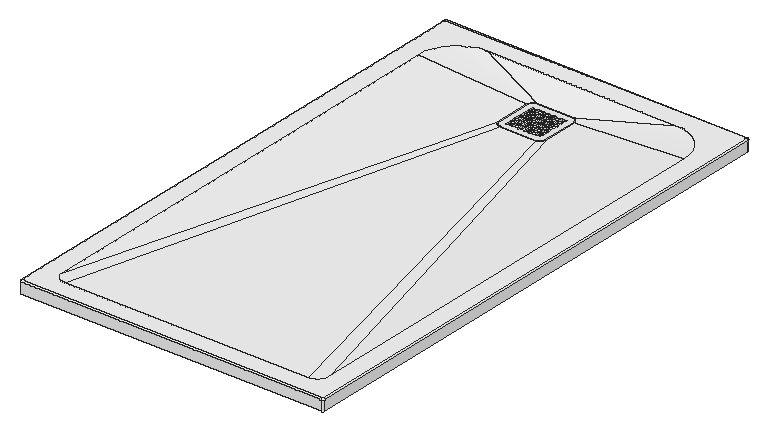
Revit family "IS_UltraFlatS_K8237_BIM_DE", category Plumbing Fixtures, host Face, Revit 2016
Family settings
  Host = Face
  Part Type = Normal
  Round Connector Dimension = Use Diameter
  OmniClass Number = 23.45.05.14.21.11
  OmniClass Title = Bath/Shower Units
  Cut with Voids When Loaded = No
  Shared = No
  Room Calculation Point = No
Parameters (values of type "K8237FR - ULTRAFLAT S PD 140X80 BIANCO")
  WarrantyStartDate = "n/a"
  WarrantyGuarantorParts = "n/a"
  WarrantyGuarantorLabor = "n/a"
  WarrantyDurationUnit = "n/a"
  WarrantyDurationParts = "n/a"
  WarrantyDurationLabor = "n/a"
  WarrantyDescription = "n/a"
  WFU = 0
  VolumeUnits = "Litres"
  Version = "1"
  Uniclass2015Version = "Products v1.1"
  Uniclass2015Title = "Shower trays"
  Uniclass2015Code = "Pr_40_20_06_84"
  URL = "www.idealstandard.de"
  Type Comments = "n/a"
  TagNumber = "n/a"
  SustainabilityPerformance = "n/a"
  Space = "Internal"
  Size = "800 x 1400 x 30 mm"
  Shape = "Rectangular"
  SerialNumber = "n/a"
  ReplacementCost = "n/a"
  ProductInformation = "www.idealstandard.de"
  PredefinedType = "n/a"
  Phone = "+49228 5210"
  NominalWidth = 800 mm
  NominalLength = 1400 mm
  NominalHeight = 30 mm
  NominalDepth = 0 mm
  Name = "ISI_IdealStandard_Showers_Ultra Flat S_K8237FR"
  ModelReference = "IS Rechteck-Brausewanne ULTRA FLAT S, 1400x800x30mm, Carraraweiß"
  ModelNumber = "K8237FR"
  Model = "K8237FR"
  Material = "Sanitary Brass"
  ManufacturerURL = "www.idealstandard.de"
  Manufacturer = "idealstandard.de@idealstandard.com"
  MainMaterial = IS_RenderMaterial_White
  LinearUnits = "millimeters"
  Keynote = ""
  InstallationInstructions = "www.idealstandard.de\\produkte"
  InstallationDate = "1900-12-31T23:59:59"
  Help = "idealstandard.de@idealstandard.com"
  HWFU = 0
  GrossWeight = "42,5 kg"
  Grade = "n/a"
  Finish = "Pure White"
  Features = "ULTRA FLAT S rectangular shower tray 1400x800mm"
  ExpectedLife = "25"
  DurationUnit = "year"
  DistributedBy = "n/a"
  Description = "Ultraflat S Pd 140 x 80 Bianco"
  Default Elevation = 0 mm
  CurrencyUnit = "€"
  CreatedOn = "42774"
  Cost = 0
  Constituents = "n/a"
  ConnectionType = "Plumbing"
  Color = "Pure White"
  CodePerformance = "0"
  CWFU = 0
  Brand = "Ideal Standard"
  BarCode = "4015413067706"
  BIMObjectName = "ISI_IdealStandard_Showers_Ultra Flat S_K8237FR"
  Author = "Ideal Standard"
  AssetType = "Fixed"
  AssetIdentifier = "n/a"
  Assembly Code = "C1030200"
  AreaUnits = "millimeters"
  AreaMeasurement = "n/a"
  Accessories = "www.idealstandard.de\\ersatzteile"
  AccessibilityPerformance = "n/a"
Types (5, lengths in mm): name | Name | ModelReference | ModelNumber | Model | MainMaterial | Finish | Description | Color | BarCode | BIMObjectName
  K8237FR - ULTRAFLAT S PD 140X80 BIANCO | "ISI_IdealStandard_Showers_Ultra Flat S_K8237FR" | "IS Rechteck-Brausewanne ULTRA FLAT S, 1400x800x30mm, Carraraweiß" | "K8237FR" | "K8237FR" | IS_RenderMaterial_White | "Pure White" | "Ultraflat S Pd 140 x 80 Bianco" | "Pure White" | "4015413067706" | "ISI_IdealStandard_Showers_Ultra Flat S_K8237FR"
  K8237FS - ULTRAFLAT S PD 140X80 GRIGIO CEMENTO | "ISI_IdealStandard_Showers_Ultra Flat S_K8237FS" | "IS Rechteck-Brausewanne ULTRA FLAT S, 1400x800x30mm, Quarzgrau" | "K8237FS" | "K8237FS" | IS_RenderMaterial_Grey | "Concrete Grey" | "Ultraflat S Pd 140 x 80 Grigio Cemento" | "Concrete Grey" | "4015413070690" | "ISI_IdealStandard_Showers_Ultra Flat S_K8237FS"
  K8237FT - ULTRAFLAT S PD 140X80 SABBIA | "ISI_IdealStandard_Showers_Ultra Flat S_K8237FT" | "IS Rechteck-Brausewanne ULTRA FLAT S, 1400x800x30mm, Sandstein" | "K8237FT" | "K8237FT" | IS_RenderMaterial_Sand | "Beach Sand" | "Ultraflat S Pd 140 x 80 Sabbia" | "Beach Sand" | "4015413071079" | "ISI_IdealStandard_Showers_Ultra Flat S_K8237FT"
  K8237FU - ULTRAFLAT S PD 140X80 MOKA | "ISI_IdealStandard_Showers_Ultra Flat S_K8237FU" | "IS Rechteck-Brausewanne ULTRA FLAT S, 1400x800x30mm, Lavabraun" | "K8237FU" | "K8237FU" | IS_RenderMaterial_Moka | "Deep Moka" | "Ultraflat S Pd 140 x 80 Moka" | "Deep Moka" | "4015413071482" | "ISI_IdealStandard_Showers_Ultra Flat S_K8237FU"
  K8237FV - ULTRAFLAT S PD 140X80 NERO | "ISI_IdealStandard_Showers_Ultra Flat S_K8237FV" | "IS Rechteck-Brausewanne ULTRA FLAT S, 1400x800x30mm, Schiefer" | "K8237FV" | "K8237FV" | IS_RenderMaterial_Black | "Jet Black" | "Ultraflat S Pd 140 x 80 Nero" | "Jet Black" | "4015413071819" | "ISI_IdealStandard_Showers_Ultra Flat S_K8237FV"
Reference planes
  plane 1 "Center (Front/Back)": y = 0
  plane 2: z = 0
  plane 3 "Center (Left/Right)": x = 0
  plane 4: x = -400
  plane 5: x = 400
  plane 6: y = -1400
  plane 7: y = -1350
  plane 8: z = 30
Forms (mm)
  Extrusion 1, solid, material "IS_RenderMaterial_White" <- "MainMaterial"
    sketch origin (0, 0, 0) x (1, 0, 0) y (0, 1, 0)
      loop
        arc (-395, 0) -> (-398.536, -1.464) -> (-400, -5) r 5
        line (-400, -5) -> (-400, -1395)
        arc (-400, -1395) -> (-398.536, -1398.536) -> (-395, -1400) r 5
        line (-395, -1400) -> (395, -1400)
        arc (395, -1400) -> (398.536, -1398.536) -> (400, -1395) r 5
        line (400, -1395) -> (400, -5)
        arc (400, -5) -> (398.536, -1.464) -> (395, 0) r 5
        line (395, 0) -> (-395, 0)
    from 0 to 30
  Blend 2, void
    base sketch origin (0, 39.744, 30) x (-1, 0, 0) y (0, -1, 0)
      loop
        arc (250, 89.744) -> (320.711, 119.033) -> (350, 189.744) r 100
        line (350, 189.744) -> (350, 1359.744)
        arc (350, 1359.744) -> (341.213, 1380.957) -> (320, 1389.744) r 30
        line (320, 1389.744) -> (-320, 1389.744)
        arc (-320, 1389.744) -> (-341.213, 1380.957) -> (-350, 1359.744) r 30
        line (-350, 1359.744) -> (-350, 189.744)
        arc (-350, 189.744) -> (-320.711, 119.033) -> (-250, 89.744) r 100
        line (-250, 89.744) -> (250, 89.744)
    top sketch origin (0, 39.744, 30) x (-1, 0, 0) y (0, -1, 0)
      loop
        arc (47.5, 177.244) -> (58.107, 181.637) -> (62.5, 192.244) r 15
        line (62.5, 192.244) -> (62.5, 287.244)
        arc (62.5, 287.244) -> (58.107, 297.85) -> (47.5, 302.244) r 15
        line (47.5, 302.244) -> (-47.5, 302.244)
        arc (-47.5, 302.244) -> (-58.107, 297.85) -> (-62.5, 287.244) r 15
        line (-62.5, 287.244) -> (-62.5, 192.244)
        arc (-62.5, 192.244) -> (-58.107, 181.637) -> (-47.5, 177.244) r 15
        line (-47.5, 177.244) -> (47.5, 177.244)
    from 0 to -15
  Revolve 3, void
    sketch origin (-65.411, -200, 1219.2) x (-1, 0, 0) y (0, 0, 1)
      loop
        line (-65.411, -1219.2) -> (-20.411, -1219.2) -> (-20.411, -1214.2) -> (-13.411, -1207.2) -> (-65.411, -1207.2) -> (-65.411, -1219.2)
      axis (-65.411, -1219.2) -> (-65.411, -1207.2)
    angle from 0 to 360
  Extrusion 4, void
    sketch origin (0, -134.515, 12) x (-1, 0, 0) y (0, 1, 0)
      loop
        arc (-47.5, -2.985) -> (-58.107, -7.379) -> (-62.5, -17.985) r 15
        line (-62.5, -17.985) -> (-62.5, -112.985)
        arc (-62.5, -112.985) -> (-58.107, -123.592) -> (-47.5, -127.985) r 15
        line (-47.5, -127.985) -> (47.5, -127.985)
        arc (47.5, -127.985) -> (58.107, -123.592) -> (62.5, -112.985) r 15
        line (62.5, -112.985) -> (62.5, -17.985)
        arc (62.5, -17.985) -> (58.107, -7.379) -> (47.5, -2.985) r 15
        line (47.5, -2.985) -> (-47.5, -2.985)
    from 0 to -3
  Extrusion 5, solid, material "Chrome - Polished"
    sketch origin (0, -134.515, 12) x (0, 1, 0) y (-1, 0, 0)
      loop
        arc (-4.985, 46.539) -> (-9.074, 56.411) -> (-18.946, 60.5) r 13.961
        line (-18.946, 60.5) -> (-111.985, 60.5)
        arc (-111.985, 60.5) -> (-121.885, 56.399) -> (-125.985, 46.5) r 14
        line (-125.985, 46.5) -> (-125.985, -46.5)
        arc (-125.985, -46.5) -> (-121.885, -56.399) -> (-111.985, -60.5) r 14
        line (-111.985, -60.5) -> (-18.985, -60.5)
        arc (-18.985, -60.5) -> (-9.086, -56.399) -> (-4.985, -46.5) r 14
        line (-4.985, -46.5) -> (-4.985, 46.539)
      loop
        line (-64.007, 45) -> (-64.007, 32) -> (-52.007, 32) -> (-52.007, 45) -> (-64.007, 45)
      loop
        line (-49.007, 45) -> (-49.007, 32) -> (-37.007, 32) -> (-37.007, 45) -> (-49.007, 45)
      loop
        line (-34.007, 45) -> (-34.007, 32) -> (-22.007, 32) -> (-22.007, 45) -> (-34.007, 45)
      loop
        line (-34.007, 29) -> (-34.007, 16) -> (-22.007, 16) -> (-22.007, 29) -> (-34.007, 29)
      loop
        line (-34.007, 13) -> (-34.007, 1.526) -> (-22.007, 1.526) -> (-22.007, 13) -> (-34.007, 13)
      loop
        line (-37.007, 29) -> (-49.007, 29) -> (-49.007, 16) -> (-37.007, 16) -> (-37.007, 29)
      loop
        line (-37.007, 13) -> (-49.007, 13) -> (-49.007, 1.526) -> (-37.007, 1.526) -> (-37.007, 13)
      loop
        line (-52.007, 29) -> (-64.007, 29) -> (-64.007, 16) -> (-52.007, 16) -> (-52.007, 29)
      loop
        line (-52.007, 13) -> (-64.007, 13) -> (-64.007, 1.526) -> (-52.007, 1.526) -> (-52.007, 13)
      loop
        line (-64.007, -45) -> (-52.007, -45) -> (-52.007, -32) -> (-64.007, -32) -> (-64.007, -45)
      loop
        line (-49.007, -45) -> (-37.007, -45) -> (-37.007, -32) -> (-49.007, -32) -> (-49.007, -45)
      loop
        line (-34.007, -45) -> (-22.007, -45) -> (-22.007, -32) -> (-34.007, -32) -> (-34.007, -45)
      loop
        line (-34.007, -29) -> (-22.007, -29) -> (-22.007, -16) -> (-34.007, -16) -> (-34.007, -29)
      loop
        line (-34.007, -13) -> (-22.007, -13) -> (-22.007, -1.526) -> (-34.007, -1.526) -> (-34.007, -13)
      loop
        line (-37.007, -29) -> (-37.007, -16) -> (-49.007, -16) -> (-49.007, -29) -> (-37.007, -29)
      loop
        line (-37.007, -13) -> (-37.007, -1.526) -> (-49.007, -1.526) -> (-49.007, -13) -> (-37.007, -13)
      loop
        line (-52.007, -29) -> (-52.007, -16) -> (-64.007, -16) -> (-64.007, -29) -> (-52.007, -29)
      loop
        line (-52.007, -13) -> (-52.007, -1.526) -> (-64.007, -1.526) -> (-64.007, -13) -> (-52.007, -13)
      loop
        line (-66.963, 45) -> (-78.963, 45) -> (-78.963, 32) -> (-66.963, 32) -> (-66.963, 45)
      loop
        line (-81.963, 45) -> (-93.963, 45) -> (-93.963, 32) -> (-81.963, 32) -> (-81.963, 45)
      loop
        line (-96.963, 45) -> (-108.963, 45) -> (-108.963, 32) -> (-96.963, 32) -> (-96.963, 45)
      loop
        line (-96.963, 29) -> (-108.963, 29) -> (-108.963, 16) -> (-96.963, 16) -> (-96.963, 29)
      loop
        line (-96.963, 13) -> (-108.963, 13) -> (-108.963, 1.526) -> (-96.963, 1.526) -> (-96.963, 13)
      loop
        line (-93.963, 29) -> (-93.963, 16) -> (-81.963, 16) -> (-81.963, 29) -> (-93.963, 29)
      loop
        line (-93.963, 13) -> (-93.963, 1.526) -> (-81.963, 1.526) -> (-81.963, 13) -> (-93.963, 13)
      loop
        line (-78.963, 29) -> (-78.963, 16) -> (-66.963, 16) -> (-66.963, 29) -> (-78.963, 29)
      loop
        line (-78.963, 13) -> (-78.963, 1.526) -> (-66.963, 1.526) -> (-66.963, 13) -> (-78.963, 13)
      loop
        line (-66.963, -45) -> (-66.963, -32) -> (-78.963, -32) -> (-78.963, -45) -> (-66.963, -45)
      loop
        line (-81.963, -45) -> (-81.963, -32) -> (-93.963, -32) -> (-93.963, -45) -> (-81.963, -45)
      loop
        line (-96.963, -45) -> (-96.963, -32) -> (-108.963, -32) -> (-108.963, -45) -> (-96.963, -45)
      loop
        line (-96.963, -29) -> (-96.963, -16) -> (-108.963, -16) -> (-108.963, -29) -> (-96.963, -29)
      loop
        line (-96.963, -13) -> (-96.963, -1.526) -> (-108.963, -1.526) -> (-108.963, -13) -> (-96.963, -13)
      loop
        line (-93.963, -29) -> (-81.963, -29) -> (-81.963, -16) -> (-93.963, -16) -> (-93.963, -29)
      loop
        line (-93.963, -13) -> (-81.963, -13) -> (-81.963, -1.526) -> (-93.963, -1.526) -> (-93.963, -13)
      loop
        line (-78.963, -29) -> (-66.963, -29) -> (-66.963, -16) -> (-78.963, -16) -> (-78.963, -29)
      loop
        line (-78.963, -13) -> (-66.963, -13) -> (-66.963, -1.526) -> (-78.963, -1.526) -> (-78.963, -13)
    from 0 to 3
  Sweep 6, void
    path in 3D
      loop
        arc (400, -5, 30) -> (398.536, -1.464, 30) -> (395, 0, 30) r 5
        line (395, 0, 30) -> (-395, 0, 30)
        arc (-395, 0, 30) -> (-398.536, -1.464, 30) -> (-400, -5, 30) r 5
        line (-400, -5, 30) -> (-400, -1395, 30)
        arc (-400, -1395, 30) -> (-398.536, -1398.536, 30) -> (-395, -1400, 30) r 5
        line (-395, -1400, 30) -> (395, -1400, 30)
        arc (395, -1400, 30) -> (398.536, -1398.536, 30) -> (400, -1395, 30) r 5
        line (400, -1395, 30) -> (400, -5, 30)
    profile origin (400, -700, 30) x (-1, 0, 0) y (0, 0, 1)
      loop
        line (0, 0) -> (0, -3)
        arc (0, -3) -> (0.879, -0.879) -> (3, 0) r 3
        line (3, 0) -> (0, 0)
Cuts and joins
  Blend 2, Revolve 3, Extrusion 4, Sweep 6 cuts Extrusion 1
  Blend 2 cuts Extrusion 5
Lines and regions (mm)
  sketch lines
    curve 1: line (400, -1395, 30) -> (400, -5, 30)
    curve 2: arc (400, -1395, 30) -> (398.536, -1398.536, 30) -> (395, -1400, 30) r 5
    curve 3: line (-395, -1400, 30) -> (395, -1400, 30)
    curve 4: arc (395, 0, 30) -> (398.536, -1.464, 30) -> (400, -5, 30) r 5
    curve 5: line (395, 0, 30) -> (-395, 0, 30)
    curve 6: arc (-400, -5, 30) -> (-398.536, -1.464, 30) -> (-395, 0, 30) r 5
    curve 7: line (-400, -5, 30) -> (-400, -1395, 30)
    curve 8: arc (-395, -1400, 30) -> (-398.536, -1398.536, 30) -> (-400, -1395, 30) r 5
Dimensions and locks
  "NominalLength": plane 1 "Center (Front/Back)" to plane 6
  "NominalWidth": plane 4 to plane 5
  "NominalHeight": level to plane 8
  aligned and locked: plane 2 to host face
  aligned and locked: level to host face
Automatic sketch dimensions
  host sketch curve to host sketch curve = 2438.4 mm
  host sketch curve to host sketch curve = 2598.796 mm
  Extrusion 1 sketch curve to plane 4 = 0 mm
  Extrusion 1 sketch curve to plane 6 = 0 mm
  plane 1 "Center (Front/Back)" to Extrusion 1 sketch curve = 0 mm
  Extrusion 1 sketch curve to plane 5 = 0 mm
  Extrusion 1 sketch curve to plane 4 = 5 mm
  Extrusion 1 sketch curve to Extrusion 1 sketch curve = 5 mm
  plane 5 to Extrusion 1 sketch curve = 5 mm  (x2)
  plane 7 to Blend 2 sketch curve = 0 mm
  plane 7 to Blend 2 sketch curve = 30 mm  (x2)
  plane 5 to Blend 2 sketch curve = 50 mm
  Blend 2 sketch curve to Blend 2 sketch curve = 100 mm
  Blend 2 sketch curve to plane 4 = 150 mm
  Blend 2 sketch curve to plane 4 = 80 mm
  plane 1 "Center (Front/Back)" to Blend 2 sketch curve = 150 mm
  plane 3 "Center (Left/Right)" to Blend 2 sketch curve = 62.5 mm
  Blend 2 sketch curve to Blend 2 sketch curve = 15 mm  (x3)
  Blend 2 sketch curve to plane 3 "Center (Left/Right)" = 47.5 mm  (x2)
  plane 1 "Center (Front/Back)" to Blend 2 sketch curve = 137.5 mm
  Blend 2 sketch curve to Blend 2 sketch curve = 95 mm
  Revolve 3 sketch curve to level = 0 mm
  Revolve 3 sketch curve to plane 3 "Center (Left/Right)" = 0 mm  (x2)
  level to Revolve 3 sketch curve = 5 mm
  Revolve 3 sketch curve to plane 3 "Center (Left/Right)" = 45 mm
  Revolve 3 sketch curve to Revolve 3 sketch curve = 7 mm
  Revolve 3 sketch curve to Revolve 3 sketch curve = 12 mm
  Revolve 3 sketch curve to level = 10 mm
  plane 8 to Revolve 3 sketch curve = 7.813 mm
  plane 3 "Center (Left/Right)" to Extrusion 4 sketch curve = 62.5 mm
  Extrusion 4 sketch curve to Extrusion 4 sketch curve = 15 mm  (x3)
  Extrusion 4 sketch curve to plane 3 "Center (Left/Right)" = 47.5 mm  (x2)
  plane 1 "Center (Front/Back)" to Extrusion 4 sketch curve = 137.5 mm
  Extrusion 4 sketch curve to Extrusion 4 sketch curve = 95 mm
  plane 3 "Center (Left/Right)" to Extrusion 5 sketch curve = 46.5 mm
  plane 1 "Center (Front/Back)" to Extrusion 5 sketch curve = 260.5 mm
  Extrusion 5 sketch curve to Extrusion 5 sketch curve = 14 mm  (x3)
  Extrusion 5 sketch curve to Extrusion 5 sketch curve = 3.022 mm  (x3)
  Extrusion 5 sketch curve to Extrusion 5 sketch curve = 0 mm  (x56)
  plane 3 "Center (Left/Right)" to Extrusion 5 sketch curve = 1.526 mm  (x6)
  Extrusion 5 sketch curve to Extrusion 5 sketch curve = 12 mm  (x18)
  Extrusion 5 sketch curve to Extrusion 5 sketch curve = 3 mm  (x37)
  Extrusion 5 sketch curve to Extrusion 5 sketch curve = 2.956 mm  (x6)
  Extrusion 5 sketch curve to Extrusion 5 sketch curve = 3.061 mm
  Extrusion 5 sketch curve to Extrusion 5 sketch curve = 1.5 mm  (x3)
  Extrusion 5 sketch curve to Extrusion 5 sketch curve = 13 mm  (x9)
  Extrusion 5 sketch curve to plane 3 "Center (Left/Right)" = 1.526 mm  (x6)
  Extrusion 5 sketch curve to Extrusion 5 sketch curve = 11.474 mm  (x2)
  Sweep 6 sketch curve to profile plane = 0 mm  (x2)
  Sweep 6 sketch curve to profile plane = 3 mm
